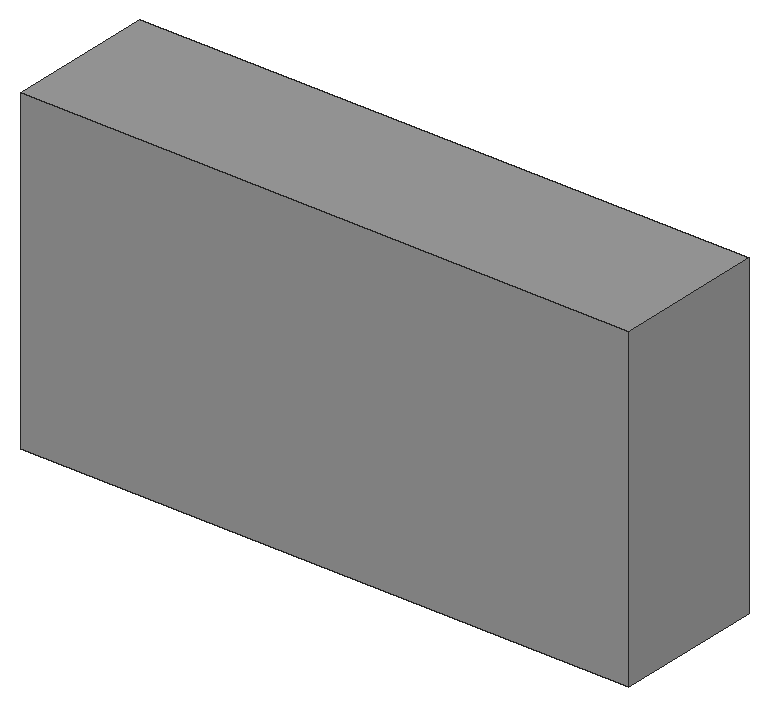
Revit family "T93021 Alu-K M LED 30m 1-s_Vegg", category Lighting Fixtures, Revit 2016
Family settings
  Part Type = Normal
  Round Connector Dimension = Use Diameter
  OmniClass Number = 23.80.70.11.21
  OmniClass Title = Emergency Lighting
  Work Plane-Based = No
  Always vertical = Yes
  Cut with Voids When Loaded = No
  Light Source = Yes
  Shared = No
  Room Calculation Point = No
Parameters (values of type "MarkeringsLys (Venstre)")
  Width = 80 mm
  Wattage Comments = "17 W"
  Wattage = 9.2903 W
  built-in parameter 1150110 = 1 (stored number, unit not read)
  Voltage = 230 V
  URL = ""
  Type Comments = "-UN"
  built-in parameter 1114217 = 1 (stored number, unit not read)
  Tilt Angle = 90.00°
  built-in parameter 1150109 = 1 (stored number, unit not read)
  built-in parameter 1150134 = 3
  Symbol Positive Direction [instance] = yes
  Symbol Offset Side [instance] = 0 mm
  Symbol Offset Out [instance] = 0 mm
  built-in parameter 1150113 = 1 (stored number, unit not read)
  Reference Line Out [instance] = 50 mm
  Photometric Web File = "20x42A12.ies"
  Number of Poles = 1
  NS8360 = "4431_WT2"
  Markeringslys normal = no
  Markeringslys ikke normal = yes
  MarkeringsLys Venstre = yes
  MarkeringsLys Ned = no
  MarkeringsLys Opp = no
  MarkeringsLys Høyre = no
  MarkeringsLys 45 Opp mot venstre = no
  MarkeringsLys 45 Opp mot høyre = no
  MarkeringsLys 45 Ned mot venstre = no
  MarkeringsLys 45 Ned mot høyre = no
  ML = yes
  built-in parameter 1150105 = 109.82 (stored number, unit not read)
  Lumens = 1380 lm
  built-in parameter 1150115 = 1 (stored number, unit not read)
  Load Classification [instance] = Other
  Model = ""
  Manufacturer = "Honeywell"
  built-in parameter 1150137 = (empty or 0)
  built-in parameter 1150139 = (empty or 0)
  Length 1 = 300 mm
  Length = 325 mm
  LedeLys = no
  built-in parameter 1150112 = 1 (stored number, unit not read)
  built-in parameter 1150114 = 1 (stored number, unit not read)
  Lamp = "1"
  Keynote = "WT2"
  built-in parameter 1150132 = (empty or 0)
  built-in parameter 1150102 = (empty or 0)
  built-in parameter 1150107 = 3200 (stored number, unit not read)
  built-in parameter 1150138 = (empty or 0)
  built-in parameter 1150106 = 1.0982 (stored number, unit not read)
  Height 1 = 140 mm
  Height = 170 mm
  Emit from Rectangle Width = Height  # 170 mm
  Emit from Rectangle Length = Length  # 325 mm
  Emit Shape Visible in Rendering = no
  built-in parameter 1150104 = 13.8 (stored number, unit not read)
  Dimming Lamp Color Temperature Shift = <None>
  Description = ""
  Color Filter = 16777215
  Body Material and Colour = Default
  built-in parameter 1114218 = 1 (stored number, unit not read)
  built-in parameter 1150133 = 10 (stored number, unit not read)
  Assembly Code = "4431"
  Apparent Load = 17 VA
Types (9, lengths in mm): name | NS8360 | Markeringslys normal | Markeringslys ikke normal | MarkeringsLys Venstre | MarkeringsLys Ned | MarkeringsLys Opp | MarkeringsLys Høyre | MarkeringsLys 45 Opp mot venstre | MarkeringsLys 45 Opp mot høyre | MarkeringsLys 45 Ned mot venstre | MarkeringsLys 45 Ned mot høyre | ML | LedeLys | Body Material and Colour | Assembly Code
  LedeLys | "4432_WT2" | yes | no | no | no | no | no | no | no | no | no | no | yes | Default | "4432"
  MarkeringsLys (Ned) | "4431_WT2" | yes | no | no | yes | no | no | no | no | no | no | yes | no | Default | "4431"
  MarkeringsLys (Opp) | "4431_WT2" | yes | no | no | no | yes | no | no | no | no | no | yes | no | Default | "4431"
  MarkeringsLys (Venstre) | "4431_WT2" | no | yes | yes | no | no | no | no | no | no | no | yes | no | Default | "4431"
  MarkeringsLys (Høyre) | "4431_WT2" | yes | no | no | no | no | yes | no | no | no | no | yes | no | Default | "4431"
  MarkeringsLys (45 Ned mot høyre) | "4431_WT2" | yes | no | no | no | no | no | no | no | no | yes | yes | no | White | "4431"
  MarkeringsLys (45 Ned mot venstre) | "4431_WT2" | no | yes | no | no | no | no | no | no | yes | no | yes | no | Default | "4431"
  MarkeringsLys (45 Opp mot høyre) | "4431_WT2" | yes | no | no | no | no | no | no | yes | no | no | yes | no | Default | "4431"
  MarkeringsLys (45 Opp mot venstre) | "4431_WT2" | no | yes | no | no | no | no | yes | no | no | no | yes | no | Default | "4431"
Reference planes
  plane 1 "Light Source Axis (F/B)": y = 119.961
  plane 2 "Top": z = 83
  plane 3 "Light Source Axis (L/R)": x = 0
  plane 4 "Level": z = 0
  plane 5 "Bottom": z = -170
  plane 6: x = -162.5
  plane 7: x = 162.5
  plane 8: y = 197.961
  plane 9: y = 199.961
  plane 10: z = -15
  plane 11: x = -150
  plane 12: x = 150
  plane 13: z = -85
  plane 14: z = -155
Forms (mm)
  Extrusion 1, solid, material "Default" <- "Body Material and Colour"
    sketch origin (0, 119.961, 0) x (1, 0, 0) y (0, 0, 1)
      loop
        line (-162.5, 0) -> (-162.5, -170) -> (162.5, -170) -> (162.5, 0) -> (-162.5, 0)
    from 0 to -78
  Extrusion 2, solid, material "Default" <- "Body Material and Colour"
    sketch origin (0, 119.961, 0) x (1, 0, 0) y (0, 0, 1)
      loop
        line (-162.5, 0) -> (-162.5, -170) -> (162.5, -170) -> (162.5, 0) -> (-162.5, 0)
      loop
        line (-150, -15) -> (-150, -155) -> (150, -155) -> (150, -15) -> (-150, -15)
    from -80 to -78
Cuts and joins
  joined: Extrusion 1, Extrusion 2
Lines and regions (mm)
  model lines, style "InvisibleLines"
    curve 1: line (0, 119.961, 0) -> (0, 169.961, 0)
  symbolic lines, style "InvisibleLines"
    curve 2: line (0, 119.961, 50) -> (0, 119.961, 0)
Dimensions and locks
  equal spacing: plane 6, plane 3 "Light Source Axis (L/R)", plane 7
  "Length": plane 6 to plane 7
  plane 8 to plane 1 "Light Source Axis (F/B)" = 78 mm
  locked: plane 9 to plane 8 at 2
  equal spacing: plane 4 "Level", plane 13, plane 5 "Bottom"
  "Height": plane 4 "Level" to plane 5 "Bottom"
  equal spacing: plane 11, plane 3 "Light Source Axis (L/R)", plane 12
  "Length 1": plane 11 to plane 12
  equal spacing: plane 10, plane 13, plane 14
  "Height 1": plane 10 to plane 14
  "Width": plane 1 "Light Source Axis (F/B)" to plane 9
  "Reference Line Out": plane 1 "Light Source Axis (F/B)" to curve 1
  plane 11 to plane 6 = 12.5 mm
  aligned and locked: plane 4 "Level" to level
  aligned and locked: plane 3 "Light Source Axis (L/R)" to nested 2
  aligned and locked: plane 1 "Light Source Axis (F/B)" to nested 2
  aligned and locked: plane 8 to nested 1
  aligned and locked: plane 4 "Level" to Extrusion 1 sketch curve
  aligned and locked: plane 6 to Extrusion 1 sketch curve
  aligned and locked: plane 5 "Bottom" to Extrusion 1 sketch curve
  aligned and locked: Extrusion 1 sketch curve to plane 7
  aligned and locked: Extrusion 1 to plane 8
  aligned and locked: plane 1 "Light Source Axis (F/B)" to Extrusion 1
  aligned and locked: plane 4 "Level" to Extrusion 2 sketch curve
  aligned and locked: Extrusion 2 sketch curve to plane 7
  aligned and locked: plane 5 "Bottom" to Extrusion 2 sketch curve
  aligned and locked: plane 6 to Extrusion 2 sketch curve
  aligned and locked: Extrusion 2 sketch curve to plane 10
  aligned and locked: plane 11 to Extrusion 2 sketch curve
  aligned and locked: plane 14 to Extrusion 2 sketch curve
  aligned and locked: Extrusion 2 sketch curve to plane 12
  aligned and locked: plane 8 to Extrusion 2
  aligned and locked: Extrusion 2 to plane 9
  aligned and locked: nested 1 to plane 13
  aligned and locked: plane 13 to imposter light
  aligned and locked: imposter light to plane 1 "Light Source Axis (F/B)"
  aligned and locked: imposter light to plane 3 "Light Source Axis (L/R)"
  aligned and locked: plane 1 "Light Source Axis (F/B)" to curve 1
  aligned and locked: plane 3 "Light Source Axis (L/R)" to curve 1
  aligned and locked: nested 3 to plane 3 "Light Source Axis (L/R)"
  aligned and locked: plane 13 to nested 3
  aligned and locked: nested 3 to plane 8
  aligned and locked: plane 13 to nested 4
  aligned and locked: nested 4 to plane 3 "Light Source Axis (L/R)"
  aligned and locked: nested 4 to plane 8
  aligned and locked: plane 13 to nested 5
  aligned and locked: nested 5 to plane 3 "Light Source Axis (L/R)"
  aligned and locked: nested 5 to plane 8
  aligned and locked: plane 13 to nested 6
  aligned and locked: nested 6 to plane 3 "Light Source Axis (L/R)"
  aligned and locked: nested 6 to plane 8
  aligned and locked: nested 7 to plane 8
  aligned and locked: nested 7 to plane 3 "Light Source Axis (L/R)"
  aligned and locked: plane 13 to nested 7
  aligned and locked: nested 8 to plane 8
  aligned and locked: nested 8 to plane 3 "Light Source Axis (L/R)"
  aligned and locked: plane 13 to nested 8
  aligned and locked: nested 9 to plane 8
  aligned and locked: plane 13 to nested 9
  aligned and locked: nested 9 to plane 3 "Light Source Axis (L/R)"
  aligned and locked: curve 2 to plane 3 "Light Source Axis (L/R)"
  aligned and locked: plane 4 "Level" to curve 2
  aligned and locked: plane 3 "Light Source Axis (L/R)" to nested 10
  aligned and locked: plane 1 "Light Source Axis (F/B)" to nested 10
Automatic sketch dimensions
  plane 2 "Top" to curve 2 = 33 mm
Nested families
  nested 1: "Formula 65_ned" at (0, 197.961, -85), type "Formula 65"
  nested 2: "LedelysS" at (0, 119.961, 0), visible <- "LedeLys", type "Type 1"
  nested 3: "Formula 65_skrått 45 grader ned mot høyre" at (0, 197.961, -85) x (-1, 0, 0) z (0, 0, 1), visible <- "LedeLys", type "Formula 65"
    with 45 ned mot høyre no
  nested 4: "Formula 65_skrått 45 grader ned mot venstre" at (0, 197.961, -85) x (-1, 0, 0) z (0, 0, 1), type "Formula 65"
  nested 5: "Formula 65_skrått 45 grader opp mot høyre" at (0, 197.961, -85) x (-1, 0, 0) z (0, 0, 1), type "Formula 65"
  nested 6: "Formula 65_skrått 45 grader opp mot venstre" at (0, 197.961, -85) x (-1, 0, 0) z (0, 0, 1), type "Formula 65"
  nested 7: "Formula 65_høyre" at (0, 197.961, -85) x (-1, 0, 0) z (0, 0, 1), type "Formula 65"
  nested 8: "Formula 65_opp" at (0, 197.961, -85) x (-1, 0, 0) z (0, 0, 1), type "Formula 65"
  nested 9: "Formula 65_venstre" at (0, 197.961, -85) x (-1, 0, 0) z (0, 0, 1), type "Formula 65"
    with Venstre yes
  nested 10: "MarkeringslysEnkelS" at (0, 119.961, 0), visible <- "ML", type "Type 1"
    with Venstre yes, Opp no, Normal no, Ikke normal yes
Connectors
  electrical at (0, 119.961, 0), driven by "Number of Poles", driven by "Load Classification", driven by "Voltage", driven by "Apparent Load"
    settings: index 1, voltage 230 V, apparent load 0 VA, apparent load phase1 17 VA, apparent load phase2 0 VA, apparent load phase3 0 VA, power factor 1, load classification "Other", number of poles 1, system type 31, power factor state 1, is connector primary yes, connector utility no, sub classification motor no, connector description ""
Definition of nested family "Formula 65_venstre"
  Parameters (values of type "Formula 65")
    Venstre = no
    L = 300 mm
    H = 135 mm
  Reference planes
    plane 1 "Center (Front/Back)": y = 0
    plane 2: z = 0
    plane 3 "Center (Left/Right)": x = 0
    plane 4: y = -2
  Forms (mm)
    Extrusion 1, solid, visible <- "Venstre"
      sketch origin (453.48, 0, -265.275) x (1, 0, 0) y (0, 0, 1)
        loop
          line (-303.48, 335.275) -> (-603.48, 335.275) -> (-603.48, 195.275) -> (-303.48, 195.275) -> (-303.48, 335.275)
        loop
          circle (-420.272, 307.901) r 7.948
        loop
          line (-413.762, 293.92) -> (-417.907, 289.775) -> (-413.259, 281.726) -> (-426.456, 270.652)
          arc (-426.456, 270.652) -> (-427.234, 269.157) -> (-426.728, 267.55) r 2.202
          line (-426.728, 267.55) -> (-424.841, 265.302)
          arc (-424.841, 265.302) -> (-423.346, 264.524) -> (-421.739, 265.03) r 2.202
          line (-421.739, 265.03) -> (-409.533, 275.272) -> (-403.944, 265.592) -> (-416.764, 254.834) -> (-416.764, 219.801)
          arc (-416.764, 219.801) -> (-415.69, 217.206) -> (-413.095, 216.131) r 3.669
          line (-413.095, 216.131) -> (-409.425, 216.131)
          arc (-409.425, 216.131) -> (-406.831, 217.206) -> (-405.756, 219.801) r 3.669
          line (-405.756, 219.801) -> (-405.756, 249.701) -> (-398.355, 255.911) -> (-392.493, 245.757) -> (-354.384, 245.757)
          arc (-354.384, 245.757) -> (-351.79, 246.832) -> (-350.715, 249.426) r 3.669
          line (-350.715, 249.426) -> (-350.715, 253.096)
          arc (-350.715, 253.096) -> (-351.79, 255.69) -> (-354.384, 256.765) r 3.669
          line (-354.384, 256.765) -> (-373.426, 256.765) -> (-391.907, 288.775) -> (-372.812, 285.056) -> (-365.934, 273.144)
          arc (-365.934, 273.144) -> (-364.541, 272.104) -> (-362.828, 272.398) r 2.202
          line (-362.828, 272.398) -> (-360.285, 274.049)
          arc (-360.285, 274.049) -> (-359.331, 275.438) -> (-359.638, 277.095) r 2.202
          line (-359.638, 277.095) -> (-369.208, 291.831) -> (-407.391, 299.266) -> (-413.762, 293.92)
        loop
          line (-533.901, 289.876) -> (-558.502, 265.275) -> (-533.901, 240.673) -> (-519.14, 240.673) -> (-536.361, 257.894) -> (-463.502, 257.894) -> (-463.502, 272.655) -> (-536.361, 272.655) -> (-519.14, 289.876) -> (-533.901, 289.876)
      from 0 to 2
  Dimensions and locks
    aligned and locked: level to plane 2
Definition of nested family "Formula 65_ned"
  Parameters (values of type "Formula 65")
    Ned = no
    L = 205 mm
    H = 135 mm
  Reference planes
    plane 1 "Center (Front/Back)": y = 0
    plane 2: z = 0
    plane 3 "Center (Left/Right)": x = 0
    plane 4: y = -2
  Forms (mm)
    Extrusion 1, solid, visible <- "Ned"
      sketch origin (453.48, 0, -265.275) x (1, 0, 0) y (0, 0, 1)
        loop
          line (-303.48, 335.275) -> (-603.48, 335.275) -> (-603.48, 195.275) -> (-303.48, 195.275) -> (-303.48, 335.275)
        loop
          line (-502.432, 242.376) -> (-502.432, 257.137) -> (-519.654, 239.916) -> (-519.654, 312.775) -> (-534.415, 312.775) -> (-534.415, 239.916) -> (-551.636, 257.137) -> (-551.636, 242.376) -> (-527.034, 217.775) -> (-502.432, 242.376)
        loop
          circle (-410.272, 307.901) r 7.948
        loop
          line (-403.762, 293.92) -> (-407.907, 289.775) -> (-403.259, 281.726) -> (-416.456, 270.652)
          arc (-416.456, 270.652) -> (-417.234, 269.157) -> (-416.728, 267.55) r 2.202
          line (-416.728, 267.55) -> (-414.841, 265.302)
          arc (-414.841, 265.302) -> (-413.346, 264.524) -> (-411.739, 265.03) r 2.202
          line (-411.739, 265.03) -> (-399.533, 275.272) -> (-393.944, 265.592) -> (-406.764, 254.834) -> (-406.764, 219.801)
          arc (-406.764, 219.801) -> (-405.69, 217.206) -> (-403.095, 216.131) r 3.669
          line (-403.095, 216.131) -> (-399.425, 216.131)
          arc (-399.425, 216.131) -> (-396.831, 217.206) -> (-395.756, 219.801) r 3.669
          line (-395.756, 219.801) -> (-395.756, 249.701) -> (-388.355, 255.911) -> (-382.493, 245.757) -> (-344.384, 245.757)
          arc (-344.384, 245.757) -> (-341.79, 246.832) -> (-340.715, 249.426) r 3.669
          line (-340.715, 249.426) -> (-340.715, 253.096)
          arc (-340.715, 253.096) -> (-341.79, 255.69) -> (-344.384, 256.765) r 3.669
          line (-344.384, 256.765) -> (-363.426, 256.765) -> (-381.907, 288.775) -> (-362.812, 285.056) -> (-355.934, 273.144)
          arc (-355.934, 273.144) -> (-354.541, 272.104) -> (-352.828, 272.398) r 2.202
          line (-352.828, 272.398) -> (-350.285, 274.049)
          arc (-350.285, 274.049) -> (-349.331, 275.438) -> (-349.638, 277.095) r 2.202
          line (-349.638, 277.095) -> (-359.208, 291.831) -> (-397.391, 299.266) -> (-403.762, 293.92)
      from 0 to 2
  Dimensions and locks
    aligned and locked: level to plane 2
Definition of nested family "LedelysS"
  Parameters
    CQ Symbol Positive Direction = yes
    CQ Symbol Negative Direction = not(CQ Symbol Positive Direction)  # no
    CQ Symbol Offset Side = 0 mm
    CQ Symbol Offset Out = 0 mm
  Reference planes
    plane 1: y = 0
    plane 2: x = 0
  Dimensions and locks
    "CQ Symbol Offset Out": plane 1 to nested 1
    "CQ Symbol Offset Out": plane 1 to nested 2
    "CQ Symbol Offset Side": plane 2 to nested 2
    "CQ Symbol Offset Side": nested 1 to plane 2
  Nested families
    nested 1: "LedelysSub" at (0, 0, 0), visible <- "CQ Symbol Negative Direction", type "Type 1"
    nested 2: "LedelysSub" at (0, 0, 0), visible <- "CQ Symbol Positive Direction", type "Type 1"
  Definition of nested family "LedelysSub"
    Reference planes
      plane 1: y = 0
      plane 2: x = 0
    Lines and regions (mm)
      detail lines
        curve 1: line (-4, 0, 0) -> (4, 0, 0)
        curve 2: line (4, 0, 0) -> (4, 4, 0)
        curve 3: line (4, 4, 0) -> (-4, 4, 0)
        curve 4: line (-4, 4, 0) -> (-4, 0, 0)
        curve 5: line (-3.097, 0.75, 0) -> (-0.597, 3.25, 0)
        curve 6: line (-3.097, 3.25, 0) -> (-0.597, 0.75, 0)
        curve 7: circle (-1.847, 2, 0) r 1.2 normal (0, 0, 1)
    Text (mm)
      text "LL" at (2.179, 3.025, 0)
Definition of nested family "Formula 65_skrått 45 grader ned mot høyre"
  Parameters (values of type "Formula 65")
    L = 205 mm
    H = 135 mm
    45 ned mot høyre = yes
  Reference planes
    plane 1 "Center (Front/Back)": y = 0
    plane 2: z = 0
    plane 3 "Center (Left/Right)": x = 0
    plane 4: y = -2
    plane 5: x = -242.63
    plane 6: x = 245
  Forms (mm)
    Extrusion 1, solid, visible <- "45 ned mot høyre"
      sketch origin (453.48, 0, -265.275) x (1, 0, 0) y (0, 0, 1)
        loop
          line (-303.48, 335.275) -> (-603.48, 335.275) -> (-603.48, 195.275) -> (-303.48, 195.275) -> (-303.48, 335.275)
        loop
          circle (-496.687, 307.901) r 7.948
        loop
          line (-503.197, 293.92) -> (-509.568, 299.266) -> (-547.751, 291.831) -> (-557.321, 277.095)
          arc (-557.321, 277.095) -> (-557.628, 275.438) -> (-556.674, 274.049) r 2.202
          line (-556.674, 274.049) -> (-554.131, 272.398)
          arc (-554.131, 272.398) -> (-552.418, 272.104) -> (-551.025, 273.144) r 2.202
          line (-551.025, 273.144) -> (-544.147, 285.056) -> (-525.052, 288.775) -> (-543.533, 256.765) -> (-562.575, 256.765)
          arc (-562.575, 256.765) -> (-565.169, 255.69) -> (-566.244, 253.096) r 3.669
          line (-566.244, 253.096) -> (-566.244, 249.426)
          arc (-566.244, 249.426) -> (-565.169, 246.832) -> (-562.575, 245.757) r 3.669
          line (-562.575, 245.757) -> (-524.466, 245.757) -> (-518.604, 255.911) -> (-511.203, 249.701) -> (-511.203, 219.801)
          arc (-511.203, 219.801) -> (-510.128, 217.206) -> (-507.534, 216.131) r 3.669
          line (-507.534, 216.131) -> (-503.864, 216.131)
          arc (-503.864, 216.131) -> (-501.27, 217.206) -> (-500.195, 219.801) r 3.669
          line (-500.195, 219.801) -> (-500.195, 254.834) -> (-513.015, 265.592) -> (-507.426, 275.272) -> (-495.22, 265.03)
          arc (-495.22, 265.03) -> (-493.613, 264.524) -> (-492.118, 265.302) r 2.202
          line (-492.118, 265.302) -> (-490.232, 267.55)
          arc (-490.232, 267.55) -> (-489.725, 269.157) -> (-490.503, 270.652) r 2.202
          line (-490.503, 270.652) -> (-503.7, 281.726) -> (-499.052, 289.775) -> (-503.197, 293.92)
        loop
          line (-346.119, 266.479) -> (-356.557, 276.917) -> (-356.557, 252.562) -> (-408.076, 304.081) -> (-418.513, 293.644) -> (-366.994, 242.125) -> (-391.349, 242.125) -> (-380.911, 231.687) -> (-346.119, 231.687) -> (-346.119, 266.479)
      from 0 to 2
  Dimensions and locks
    aligned and locked: level to plane 2
Definition of nested family "Formula 65_skrått 45 grader ned mot venstre"
  Parameters (values of type "Formula 65")
    L = 205 mm
    H = 135 mm
    45 ned mot venstre = no
  Reference planes
    plane 1 "Center (Front/Back)": y = 0
    plane 2: z = 0
    plane 3 "Center (Left/Right)": x = 0
    plane 4: y = -2
  Forms (mm)
    Extrusion 1, solid, visible <- "45 ned mot venstre"
      sketch origin (453.48, 0, -265.275) x (1, 0, 0) y (0, 0, 1)
        loop
          line (-303.48, 335.275) -> (-603.48, 335.275) -> (-603.48, 195.275) -> (-303.48, 195.275) -> (-303.48, 335.275)
        loop
          circle (-420.272, 307.901) r 7.948
        loop
          line (-413.762, 293.92) -> (-417.907, 289.775) -> (-413.259, 281.726) -> (-426.456, 270.652)
          arc (-426.456, 270.652) -> (-427.234, 269.157) -> (-426.728, 267.55) r 2.202
          line (-426.728, 267.55) -> (-424.841, 265.302)
          arc (-424.841, 265.302) -> (-423.346, 264.524) -> (-421.739, 265.03) r 2.202
          line (-421.739, 265.03) -> (-409.533, 275.272) -> (-403.944, 265.592) -> (-416.764, 254.834) -> (-416.764, 219.801)
          arc (-416.764, 219.801) -> (-415.69, 217.206) -> (-413.095, 216.131) r 3.669
          line (-413.095, 216.131) -> (-409.425, 216.131)
          arc (-409.425, 216.131) -> (-406.831, 217.206) -> (-405.756, 219.801) r 3.669
          line (-405.756, 219.801) -> (-405.756, 249.701) -> (-398.355, 255.911) -> (-392.493, 245.757) -> (-354.384, 245.757)
          arc (-354.384, 245.757) -> (-351.79, 246.832) -> (-350.715, 249.426) r 3.669
          line (-350.715, 249.426) -> (-350.715, 253.096)
          arc (-350.715, 253.096) -> (-351.79, 255.69) -> (-354.384, 256.765) r 3.669
          line (-354.384, 256.765) -> (-373.426, 256.765) -> (-391.907, 288.775) -> (-372.812, 285.056) -> (-365.934, 273.144)
          arc (-365.934, 273.144) -> (-364.541, 272.104) -> (-362.828, 272.398) r 2.202
          line (-362.828, 272.398) -> (-360.285, 274.049)
          arc (-360.285, 274.049) -> (-359.331, 275.438) -> (-359.638, 277.095) r 2.202
          line (-359.638, 277.095) -> (-369.208, 291.831) -> (-407.391, 299.266) -> (-413.762, 293.92)
        loop
          line (-545.84, 266.479) -> (-545.84, 231.687) -> (-511.048, 231.687) -> (-500.61, 242.125) -> (-524.965, 242.125) -> (-473.446, 293.644) -> (-483.883, 304.081) -> (-535.402, 252.562) -> (-535.402, 276.917) -> (-545.84, 266.479)
      from 0 to 2
  Dimensions and locks
    aligned and locked: level to plane 2
Definition of nested family "Formula 65_skrått 45 grader opp mot høyre"
  Parameters (values of type "Formula 65")
    L = 205 mm
    H = 135 mm
    45 grader opp mot høyre = no
  Reference planes
    plane 1 "Center (Front/Back)": y = 0
    plane 2: z = 0
    plane 3 "Center (Left/Right)": x = 0
    plane 4: y = -2
  Forms (mm)
    Extrusion 1, solid, visible <- "45 grader opp mot høyre"
      sketch origin (453.48, 0, -265.275) x (1, 0, 0) y (0, 0, 1)
        loop
          line (-303.48, 335.275) -> (-603.48, 335.275) -> (-603.48, 195.275) -> (-303.48, 195.275) -> (-303.48, 335.275)
        loop
          circle (-496.687, 307.901) r 7.948
        loop
          line (-503.197, 293.92) -> (-509.568, 299.266) -> (-547.751, 291.831) -> (-557.321, 277.095)
          arc (-557.321, 277.095) -> (-557.628, 275.438) -> (-556.674, 274.049) r 2.202
          line (-556.674, 274.049) -> (-554.131, 272.398)
          arc (-554.131, 272.398) -> (-552.418, 272.104) -> (-551.025, 273.144) r 2.202
          line (-551.025, 273.144) -> (-544.147, 285.056) -> (-525.052, 288.775) -> (-543.533, 256.765) -> (-562.575, 256.765)
          arc (-562.575, 256.765) -> (-565.169, 255.69) -> (-566.244, 253.096) r 3.669
          line (-566.244, 253.096) -> (-566.244, 249.426)
          arc (-566.244, 249.426) -> (-565.169, 246.832) -> (-562.575, 245.757) r 3.669
          line (-562.575, 245.757) -> (-524.466, 245.757) -> (-518.604, 255.911) -> (-511.203, 249.701) -> (-511.203, 219.801)
          arc (-511.203, 219.801) -> (-510.128, 217.206) -> (-507.534, 216.131) r 3.669
          line (-507.534, 216.131) -> (-503.864, 216.131)
          arc (-503.864, 216.131) -> (-501.27, 217.206) -> (-500.195, 219.801) r 3.669
          line (-500.195, 219.801) -> (-500.195, 254.834) -> (-513.015, 265.592) -> (-507.426, 275.272) -> (-495.22, 265.03)
          arc (-495.22, 265.03) -> (-493.613, 264.524) -> (-492.118, 265.302) r 2.202
          line (-492.118, 265.302) -> (-490.232, 267.55)
          arc (-490.232, 267.55) -> (-489.725, 269.157) -> (-490.503, 270.652) r 2.202
          line (-490.503, 270.652) -> (-503.7, 281.726) -> (-499.052, 289.775) -> (-503.197, 293.92)
        loop
          line (-346.119, 264.07) -> (-346.119, 298.862) -> (-380.911, 298.862) -> (-391.349, 288.425) -> (-366.994, 288.425) -> (-418.513, 236.906) -> (-408.076, 226.468) -> (-356.557, 277.987) -> (-356.557, 253.633) -> (-346.119, 264.07)
      from 0 to 2
  Dimensions and locks
    aligned and locked: level to plane 2
Definition of nested family "Formula 65_skrått 45 grader opp mot venstre"
  Parameters (values of type "Formula 65")
    L = 205 mm
    H = 135 mm
    45 opp mot venstre = no
  Reference planes
    plane 1 "Center (Front/Back)": y = 0
    plane 2: z = 0
    plane 3 "Center (Left/Right)": x = 0
    plane 4: y = -2
  Forms (mm)
    Extrusion 1, solid, visible <- "45 opp mot venstre"
      sketch origin (453.48, 0, -265.275) x (1, 0, 0) y (0, 0, 1)
        loop
          line (-303.48, 335.275) -> (-603.48, 335.275) -> (-603.48, 195.275) -> (-303.48, 195.275) -> (-303.48, 335.275)
        loop
          circle (-410.272, 307.901) r 7.948
        loop
          line (-403.762, 293.92) -> (-407.907, 289.775) -> (-403.259, 281.726) -> (-416.456, 270.652)
          arc (-416.456, 270.652) -> (-417.234, 269.157) -> (-416.728, 267.55) r 2.202
          line (-416.728, 267.55) -> (-414.841, 265.302)
          arc (-414.841, 265.302) -> (-413.346, 264.524) -> (-411.739, 265.03) r 2.202
          line (-411.739, 265.03) -> (-399.533, 275.272) -> (-393.944, 265.592) -> (-406.764, 254.834) -> (-406.764, 219.801)
          arc (-406.764, 219.801) -> (-405.69, 217.206) -> (-403.095, 216.131) r 3.669
          line (-403.095, 216.131) -> (-399.425, 216.131)
          arc (-399.425, 216.131) -> (-396.831, 217.206) -> (-395.756, 219.801) r 3.669
          line (-395.756, 219.801) -> (-395.756, 249.701) -> (-388.355, 255.911) -> (-382.493, 245.757) -> (-344.384, 245.757)
          arc (-344.384, 245.757) -> (-341.79, 246.832) -> (-340.715, 249.426) r 3.669
          line (-340.715, 249.426) -> (-340.715, 253.096)
          arc (-340.715, 253.096) -> (-341.79, 255.69) -> (-344.384, 256.765) r 3.669
          line (-344.384, 256.765) -> (-363.426, 256.765) -> (-381.907, 288.775) -> (-362.812, 285.056) -> (-355.934, 273.144)
          arc (-355.934, 273.144) -> (-354.541, 272.104) -> (-352.828, 272.398) r 2.202
          line (-352.828, 272.398) -> (-350.285, 274.049)
          arc (-350.285, 274.049) -> (-349.331, 275.438) -> (-349.638, 277.095) r 2.202
          line (-349.638, 277.095) -> (-359.208, 291.831) -> (-397.391, 299.266) -> (-403.762, 293.92)
        loop
          line (-565.84, 264.07) -> (-555.402, 253.633) -> (-555.402, 277.987) -> (-503.883, 226.468) -> (-493.446, 236.906) -> (-544.965, 288.425) -> (-520.61, 288.425) -> (-531.048, 298.862) -> (-565.84, 298.862) -> (-565.84, 264.07)
      from 0 to 2
  Dimensions and locks
    aligned and locked: level to plane 2
Definition of nested family "Formula 65_høyre"
  Parameters (values of type "Formula 65")
    L = 205 mm
    Høyre = no
    H = 135 mm
  Reference planes
    plane 1 "Center (Front/Back)": y = 0
    plane 2: z = 0
    plane 3 "Center (Left/Right)": x = 0
    plane 4: y = -2
  Forms (mm)
    Extrusion 1, solid, visible <- "Høyre"
      sketch origin (453.48, 0, -265.275) x (1, 0, 0) y (0, 0, 1)
        loop
          line (-303.48, 335.275) -> (-603.48, 335.275) -> (-603.48, 195.275) -> (-303.48, 195.275) -> (-303.48, 335.275)
        loop
          circle (-496.687, 307.901) r 7.948
        loop
          line (-503.197, 293.92) -> (-509.568, 299.266) -> (-547.751, 291.831) -> (-557.321, 277.095)
          arc (-557.321, 277.095) -> (-557.628, 275.438) -> (-556.674, 274.049) r 2.202
          line (-556.674, 274.049) -> (-554.131, 272.398)
          arc (-554.131, 272.398) -> (-552.418, 272.104) -> (-551.025, 273.144) r 2.202
          line (-551.025, 273.144) -> (-544.147, 285.056) -> (-525.052, 288.775) -> (-543.533, 256.765) -> (-562.575, 256.765)
          arc (-562.575, 256.765) -> (-565.169, 255.69) -> (-566.244, 253.096) r 3.669
          line (-566.244, 253.096) -> (-566.244, 249.426)
          arc (-566.244, 249.426) -> (-565.169, 246.832) -> (-562.575, 245.757) r 3.669
          line (-562.575, 245.757) -> (-524.466, 245.757) -> (-518.604, 255.911) -> (-511.203, 249.701) -> (-511.203, 219.801)
          arc (-511.203, 219.801) -> (-510.128, 217.206) -> (-507.534, 216.131) r 3.669
          line (-507.534, 216.131) -> (-503.864, 216.131)
          arc (-503.864, 216.131) -> (-501.27, 217.206) -> (-500.195, 219.801) r 3.669
          line (-500.195, 219.801) -> (-500.195, 254.834) -> (-513.015, 265.592) -> (-507.426, 275.272) -> (-495.22, 265.03)
          arc (-495.22, 265.03) -> (-493.613, 264.524) -> (-492.118, 265.302) r 2.202
          line (-492.118, 265.302) -> (-490.232, 267.55)
          arc (-490.232, 267.55) -> (-489.725, 269.157) -> (-490.503, 270.652) r 2.202
          line (-490.503, 270.652) -> (-503.7, 281.726) -> (-499.052, 289.775) -> (-503.197, 293.92)
        loop
          line (-354.308, 289.876) -> (-369.069, 289.876) -> (-351.848, 272.655) -> (-424.707, 272.655) -> (-424.707, 257.894) -> (-351.848, 257.894) -> (-369.069, 240.673) -> (-354.308, 240.673) -> (-329.707, 265.275) -> (-354.308, 289.876)
      from 0 to 2
  Dimensions and locks
    aligned and locked: level to plane 2
Definition of nested family "Formula 65_opp"
  Parameters (values of type "Formula 65")
    Up = no
    L = 205 mm
    H = 135 mm
  Reference planes
    plane 1 "Center (Front/Back)": y = 0
    plane 2: z = 0
    plane 3 "Center (Left/Right)": x = 0
    plane 4: y = -2
  Forms (mm)
    Extrusion 1, solid, visible <- "Up"
      sketch origin (453.48, 0, -265.275) x (1, 0, 0) y (0, 0, 1)
        loop
          line (-303.48, 335.275) -> (-603.48, 335.275) -> (-603.48, 195.275) -> (-303.48, 195.275) -> (-303.48, 335.275)
        loop
          circle (-405.272, 307.901) r 7.948
        loop
          line (-398.762, 293.92) -> (-402.907, 289.775) -> (-398.259, 281.726) -> (-411.456, 270.652)
          arc (-411.456, 270.652) -> (-412.234, 269.157) -> (-411.728, 267.55) r 2.202
          line (-411.728, 267.55) -> (-409.841, 265.302)
          arc (-409.841, 265.302) -> (-408.346, 264.524) -> (-406.739, 265.03) r 2.202
          line (-406.739, 265.03) -> (-394.533, 275.272) -> (-388.944, 265.592) -> (-401.764, 254.834) -> (-401.764, 219.801)
          arc (-401.764, 219.801) -> (-400.69, 217.206) -> (-398.095, 216.131) r 3.669
          line (-398.095, 216.131) -> (-394.425, 216.131)
          arc (-394.425, 216.131) -> (-391.831, 217.206) -> (-390.756, 219.801) r 3.669
          line (-390.756, 219.801) -> (-390.756, 249.701) -> (-383.355, 255.911) -> (-377.493, 245.757) -> (-339.384, 245.757)
          arc (-339.384, 245.757) -> (-336.79, 246.832) -> (-335.715, 249.426) r 3.669
          line (-335.715, 249.426) -> (-335.715, 253.096)
          arc (-335.715, 253.096) -> (-336.79, 255.69) -> (-339.384, 256.765) r 3.669
          line (-339.384, 256.765) -> (-358.426, 256.765) -> (-376.907, 288.775) -> (-357.812, 285.056) -> (-350.934, 273.144)
          arc (-350.934, 273.144) -> (-349.541, 272.104) -> (-347.828, 272.398) r 2.202
          line (-347.828, 272.398) -> (-345.285, 274.049)
          arc (-345.285, 274.049) -> (-344.331, 275.438) -> (-344.638, 277.095) r 2.202
          line (-344.638, 277.095) -> (-354.208, 291.831) -> (-392.391, 299.266) -> (-398.762, 293.92)
        loop
          line (-502.432, 288.173) -> (-527.034, 312.775) -> (-551.636, 288.173) -> (-551.636, 273.412) -> (-534.415, 290.633) -> (-534.415, 217.775) -> (-519.654, 217.775) -> (-519.654, 290.633) -> (-502.432, 273.412) -> (-502.432, 288.173)
      from 0 to 2
  Dimensions and locks
    aligned and locked: level to plane 2
Definition of nested family "MarkeringslysEnkelS"
  Parameters (values of type "Type 1")
    Venstre opp 45 = no
    Venstre ned 45 = no
    Venstre = no
    Opp = yes
    Normal = yes
    Ned = no
    Ikke normal = no
    Høyre opp 45 = no
    Høyre ned 45 = no
    Høyre = no
    CQ Symbol Positive Direction = yes
    CQ Symbol Negative Direction = not(CQ Symbol Positive Direction)  # no
    CQ Symbol Offset Side = 0 mm
    CQ Symbol Offset Out = 0 mm
  Reference planes
    plane 1: y = 0
    plane 2: x = 0
  Dimensions and locks
    "CQ Symbol Offset Out": plane 1 to nested 1
    "CQ Symbol Offset Out": plane 1 to nested 2
    "CQ Symbol Offset Side": plane 2 to nested 2
    "CQ Symbol Offset Side": nested 1 to plane 2
  Nested families
    nested 1: "Markeringslys dobbel" at (0, 0, 0), visible <- "CQ Symbol Negative Direction", type "Type 1"
    nested 2: "Markeringslys dobbel" at (0, 0, 0), visible <- "CQ Symbol Positive Direction", type "Type 1"
  Definition of nested family "Markeringslys dobbel"
    Parameters (values of type "Type 1")
      Venstre opp 45 = no
      Venstre ned 45 = no
      Venstre = no
      Opp = yes
      Normal = yes
      Ned = no
      Ikke normal = no
      Høyre opp 45 = no
      Høyre ned 45 = no
      Høyre = no
    Reference planes
      plane 1: y = 0
      plane 2: x = 0
    Lines and regions (mm)
      detail lines
        curve 1: line (-4, 4, 0) -> (4, 4, 0)
        curve 2: line (4, 4, 0) -> (4, 0, 0)
        curve 3: line (-4, 0, 0) -> (-4, 4, 0)
        curve 120: line (4, 0, 0) -> (-4, 0, 0)
      detail lines, visible <- "Ned"
        curve 4: line (-2.346, 0.5, 0) -> (-1.646, 0.5, 0)
        curve 5: line (-2.346, 0.5, 0) -> (-2.346, 2.584, 0)
        curve 6: line (-1.646, 0.5, 0) -> (-1.646, 2.584, 0)
        curve 7: line (-1.996, 3.5, 0) -> (-2.996, 2.5, 0)
        curve 8: line (-2.996, 2.5, 0) -> (-2.996, 1.934, 0)
        curve 9: line (-2.996, 1.934, 0) -> (-2.346, 2.584, 0)
        curve 10: line (-1.996, 3.5, 0) -> (-0.996, 2.5, 0)
        curve 11: line (-0.996, 2.5, 0) -> (-0.996, 1.934, 0)
        curve 12: line (-0.996, 1.934, 0) -> (-1.646, 2.584, 0)
      detail lines, visible <- "Normal"
        curve 13: circle (1.212, 0.614, 0) r 0.3 normal (0, 0, -1)
        curve 14: line (0.986, 3.7, 0) -> (1.395, 3.7, 0)
        curve 15: line (0.986, 3.7, 0) -> (1.823, 2.308, 0)
        curve 16: line (1.823, 2.308, 0) -> (1.461, 1.495, 0)
        curve 17: line (1.069, 2.147, 0) -> (1.461, 1.495, 0)
        curve 18: line (1.069, 2.147, 0) -> (0.487, 2.147, 0)
        curve 19: line (0.487, 2.147, 0) -> (0.487, 1.847, 0)
        curve 20: line (0.487, 1.847, 0) -> (0.899, 1.847, 0)
        curve 21: line (0.899, 1.847, 0) -> (1.307, 1.169, 0)
        curve 22: line (1.395, 3.7, 0) -> (2.104, 2.518, 0)
        curve 23: line (1.307, 1.169, 0) -> (1.753, 0.97, 0)
        curve 24: line (1.753, 0.97, 0) -> (2.625, 0.97, 0)
        curve 25: line (2.625, 0.97, 0) -> (2.99, 1.627, 0)
        curve 26: line (2.99, 1.627, 0) -> (2.769, 1.848, 0)
        curve 27: line (2.769, 1.848, 0) -> (2.457, 1.285, 0)
        curve 28: line (2.104, 2.518, 0) -> (2.259, 3.229, 0)
        curve 29: line (2.259, 3.229, 0) -> (3.557, 3.229, 0)
        curve 30: line (3.557, 3.229, 0) -> (3.457, 2.879, 0)
        curve 31: line (3.457, 2.879, 0) -> (2.541, 2.879, 0)
        curve 32: line (2.541, 2.879, 0) -> (2.4, 2.23, 0)
        curve 33: line (2.4, 2.23, 0) -> (2.021, 1.38, 0)
        curve 34: line (2.021, 1.38, 0) -> (2.457, 1.285, 0)
      detail lines, visible <- "Opp"
        curve 35: line (-1.646, 3.5, 0) -> (-2.346, 3.5, 0)
        curve 36: line (-1.646, 3.5, 0) -> (-1.646, 1.416, 0)
        curve 37: line (-2.346, 3.5, 0) -> (-2.346, 1.416, 0)
        curve 38: line (-1.996, 0.5, 0) -> (-0.996, 1.5, 0)
        curve 39: line (-0.996, 1.5, 0) -> (-0.996, 2.066, 0)
        curve 40: line (-0.996, 2.066, 0) -> (-1.646, 1.416, 0)
        curve 41: line (-1.996, 0.5, 0) -> (-2.996, 1.5, 0)
        curve 42: line (-2.996, 1.5, 0) -> (-2.996, 2.066, 0)
        curve 43: line (-2.996, 2.066, 0) -> (-2.346, 1.416, 0)
      detail lines, visible <- "Høyre"
        curve 44: line (-0.496, 1.65, 0) -> (-0.496, 2.35, 0)
        curve 45: line (-0.496, 1.65, 0) -> (-2.58, 1.65, 0)
        curve 46: line (-0.496, 2.35, 0) -> (-2.58, 2.35, 0)
        curve 47: line (-3.496, 2, 0) -> (-2.496, 1, 0)
        curve 48: line (-2.496, 1, 0) -> (-1.93, 1, 0)
        curve 49: line (-1.93, 1, 0) -> (-2.58, 1.65, 0)
        curve 50: line (-3.496, 2, 0) -> (-2.496, 3, 0)
        curve 51: line (-2.496, 3, 0) -> (-1.93, 3, 0)
        curve 52: line (-1.93, 3, 0) -> (-2.58, 2.35, 0)
      detail lines, visible <- "Ikke normal"
        curve 53: circle (-1.299, 0.614, 0) r 0.3 normal (0, 0, 1)
        curve 54: line (-1.073, 3.7, 0) -> (-1.482, 3.7, 0)
        curve 55: line (-1.073, 3.7, 0) -> (-1.91, 2.308, 0)
        curve 56: line (-1.91, 2.308, 0) -> (-1.548, 1.495, 0)
        curve 57: line (-1.156, 2.147, 0) -> (-1.548, 1.495, 0)
        curve 58: line (-1.156, 2.147, 0) -> (-0.574, 2.147, 0)
        curve 59: line (-0.574, 2.147, 0) -> (-0.574, 1.847, 0)
        curve 60: line (-0.574, 1.847, 0) -> (-0.986, 1.847, 0)
        curve 61: line (-0.986, 1.847, 0) -> (-1.394, 1.169, 0)
        curve 62: line (-1.482, 3.7, 0) -> (-2.192, 2.518, 0)
        curve 63: line (-1.394, 1.169, 0) -> (-1.84, 0.97, 0)
        curve 64: line (-1.84, 0.97, 0) -> (-2.713, 0.97, 0)
        curve 65: line (-2.713, 0.97, 0) -> (-3.077, 1.627, 0)
        curve 66: line (-3.077, 1.627, 0) -> (-2.856, 1.848, 0)
        curve 67: line (-2.856, 1.848, 0) -> (-2.544, 1.285, 0)
        curve 68: line (-2.192, 2.518, 0) -> (-2.346, 3.229, 0)
        curve 69: line (-2.346, 3.229, 0) -> (-3.644, 3.229, 0)
        curve 70: line (-3.644, 3.229, 0) -> (-3.544, 2.879, 0)
        curve 71: line (-3.544, 2.879, 0) -> (-2.628, 2.879, 0)
        curve 72: line (-2.628, 2.879, 0) -> (-2.487, 2.23, 0)
        curve 73: line (-2.487, 2.23, 0) -> (-2.108, 1.38, 0)
        curve 74: line (-2.108, 1.38, 0) -> (-2.544, 1.285, 0)
      detail lines, visible <- "Venstre"
        curve 75: line (0.409, 1.65, 0) -> (0.409, 2.35, 0)
        curve 76: line (0.409, 1.65, 0) -> (2.493, 1.65, 0)
        curve 77: line (0.409, 2.35, 0) -> (2.493, 2.35, 0)
        curve 78: line (3.409, 2, 0) -> (2.409, 1, 0)
        curve 79: line (2.409, 1, 0) -> (1.843, 1, 0)
        curve 80: line (1.843, 1, 0) -> (2.493, 1.65, 0)
        curve 81: line (3.409, 2, 0) -> (2.409, 3, 0)
        curve 82: line (2.409, 3, 0) -> (1.843, 3, 0)
        curve 83: line (1.843, 3, 0) -> (2.493, 2.35, 0)
      detail lines, visible <- "Venstre ned 45"
        curve 84: line (1.096, 0.939, 0) -> (0.601, 1.434, 0)
        curve 85: line (1.096, 0.939, 0) -> (2.57, 2.413, 0)
        curve 86: line (0.601, 1.434, 0) -> (2.075, 2.908, 0)
        curve 87: line (2.97, 3.308, 0) -> (2.97, 1.894, 0)
        curve 88: line (2.97, 1.894, 0) -> (2.57, 1.494, 0)
        curve 89: line (2.57, 1.494, 0) -> (2.57, 2.413, 0)
        curve 90: line (2.97, 3.308, 0) -> (1.556, 3.308, 0)
        curve 91: line (1.556, 3.308, 0) -> (1.156, 2.908, 0)
        curve 92: line (1.156, 2.908, 0) -> (2.075, 2.908, 0)
      detail lines, visible <- "Venstre opp 45"
        curve 93: line (0.601, 2.813, 0) -> (1.096, 3.308, 0)
        curve 94: line (0.601, 2.813, 0) -> (2.075, 1.339, 0)
        curve 95: line (1.096, 3.308, 0) -> (2.57, 1.834, 0)
        curve 96: line (2.97, 0.939, 0) -> (1.556, 0.939, 0)
        curve 97: line (1.556, 0.939, 0) -> (1.156, 1.339, 0)
        curve 98: line (1.156, 1.339, 0) -> (2.075, 1.339, 0)
        curve 99: line (2.97, 0.939, 0) -> (2.97, 2.354, 0)
        curve 100: line (2.97, 2.354, 0) -> (2.57, 2.754, 0)
        curve 101: line (2.57, 2.754, 0) -> (2.57, 1.834, 0)
      detail lines, visible <- "Høyre ned 45"
        curve 102: line (-1.18, 0.517, 0) -> (-0.685, 1.012, 0)
        curve 103: line (-1.18, 0.517, 0) -> (-2.654, 1.991, 0)
        curve 104: line (-0.685, 1.012, 0) -> (-2.159, 2.486, 0)
        curve 105: line (-3.054, 2.886, 0) -> (-3.054, 1.472, 0)
        curve 106: line (-3.054, 1.472, 0) -> (-2.654, 1.072, 0)
        curve 107: line (-2.654, 1.072, 0) -> (-2.654, 1.991, 0)
        curve 108: line (-3.054, 2.886, 0) -> (-1.64, 2.886, 0)
        curve 109: line (-1.64, 2.886, 0) -> (-1.24, 2.486, 0)
        curve 110: line (-1.24, 2.486, 0) -> (-2.159, 2.486, 0)
      detail lines, visible <- "Høyre opp 45"
        curve 111: line (-0.685, 2.391, 0) -> (-1.18, 2.886, 0)
        curve 112: line (-0.685, 2.391, 0) -> (-2.159, 0.917, 0)
        curve 113: line (-1.18, 2.886, 0) -> (-2.654, 1.412, 0)
        curve 114: line (-3.054, 0.517, 0) -> (-1.64, 0.517, 0)
        curve 115: line (-1.64, 0.517, 0) -> (-1.24, 0.917, 0)
        curve 116: line (-1.24, 0.917, 0) -> (-2.159, 0.917, 0)
        curve 117: line (-3.054, 0.517, 0) -> (-3.054, 1.932, 0)
        curve 118: line (-3.054, 1.932, 0) -> (-2.654, 2.332, 0)
        curve 119: line (-2.654, 2.332, 0) -> (-2.654, 1.483, 0)
